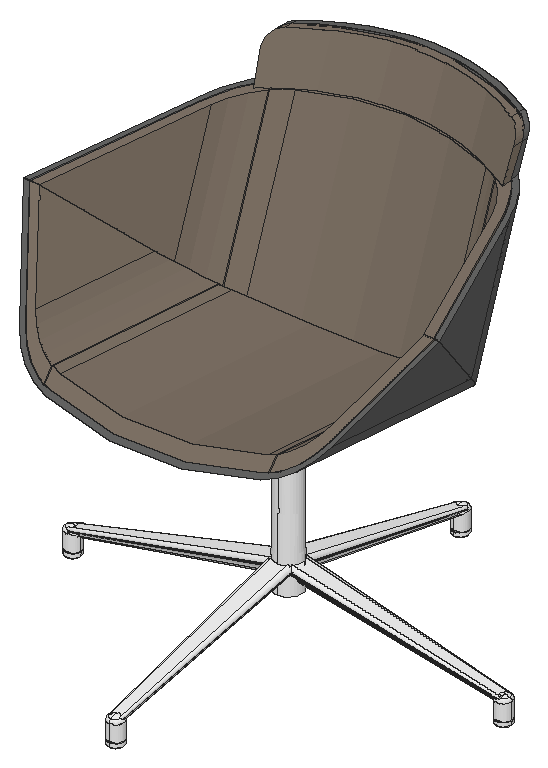
Revit family "Chair-Multi_Purpose-Allermuir-Phoulds PH2U", category Furniture, Revit 2012
Parameters (values of type "PH2U")
  ecoScorecard_data = "http://thesenatorgroup.ecoscorecard.com/product/PH1"
  ecoScorecard Product Page = "http://products.ecoscorecard.com/allermuir/PH1?action=html"
  White Plastic Back Membrane [instance] = no
  Weight = 18.0 lbf
  Upholstered Seat = ""
  Upholstered Back = ""
  URL = "http://www.allermuir.net/Default.aspx"
  Two Tone Upholstery [instance] = yes
  Swaged Tubular Steel Legs = ""
  Subcategory = "Multi-Purpose"  # constant formula
  Stacks = no
  Specifications URL = ""
  Seat or Base = Fabric - Allermuir - Smooth -Pebbled - Black
  Seat Width = 19 1/4"
  Seat Height = 16 1/8"
  Seat Depth Adjustment = no
  Seat Depth = 18 1/2"
  Seat = Fabric - Allermuir - Smooth -Pebbled - Black
  Product Page URL = "http://www.allermuir.net/Products.aspx?RangeId=502"
  Product Line = "Phoulds"  # constant formula
  Pricing URL = ""
  Polished Aluminum Arm Carrier [instance] = yes
  Plugin Data URL = "http://products.ecoscorecard.com/thesenatorgroup/PH1"
  Plastic Arms in Black = ""
  Pedestal Base = ""
  Overall Width = 23 1/2"
  Overall Height = 35"
  Overall Depth = 22 1/4"
  Optional Feature Notes = "Retracktable linking facility, soft touchh arm pads, polished aluminum frame"
  Negative Seat Tilt = no
  Model = "PH2U"  # constant formula
  Manufacturer Toll Free Phone = "(888) 887 5806"  # constant formula
  Manufacturer Phone = "(419) 887 5806"  # constant formula
  Manufacturer Fax = "(419) 887 5805"  # constant formula
  Manufacturer Email = "mailto:contact@allermuir-na.com"
  Manufacturer Address = "1630 Holland Road, Maumee, Ohio 43537 "  # constant formula
  Manufacturer = "Allermuir"  # constant formula
  Lumbar Adjustment [instance] = no
  Leg = Metal - Allermuir - Chrome - Polished
  LEED Stats URL = ""
  Height Adjustable Arms with Multi funtction Pad = no
  Height Adjustable Arms = no
  Glides = Fabric - Allermuir - Smooth -Pebbled - Black
  Glides = Fabric - Allermuir - Smooth -Pebbled - Black
  Fabric Spec Sheets = "http://www.allermuir.net/Services/File.ashx?Type=B&Id=51"
  Detachable writing table = no
  Description = ""
  Cushion = Plastic - Allermuir - Canvas - Brown
  Color Availability = "See price list for material options"
  Caster Options [instance] = "NO"
  CAD Blocks URL = ""
  Brochure URL = ""
  Black Plastic Back Membrane = no
  Black Gas Lift = no
  Black GRP Base = no
  Black Components = yes
  Base or Frame = ""
  Base Type = ""
  Base 2 = yes
  Base = Metal - Allermuir - Chrome - Polished
  Base = Metal - Allermuir - Chrome - Polished
  Back frame with integral arms in a soft touch Plastic [instance] = no
  Assembly Code = "E2020200"
  Arm Height = 25 1/8"
  Airflow Back Mesh = no
  Advanced Sync Tilt with Multi Position Back = no
  95 CSI = "12510"  # constant formula
  2.5" Casters = no
  04 CSI = "12 51 00"  # constant formula
Reference planes (in)
  plane 1 "Center Front/Back": y = 0
  plane 2: z = 0
  plane 3 "Center Left/Right": x = 0
  plane 4: z = 16.125
  plane 5: through (0, -10.22784, 13.88249) normal (0, -0.1219, -0.9925)
  plane 6: x = -11.75
  plane 7: x = 11.75
  plane 8: y = 11.125
  plane 9: y = -11.125
  plane 10: z = 35
  plane 11: z = 25.125
Forms (in)
  Sweep 1, solid, material "Fabric - Allermuir - Smooth -Pebbled - Black" <- "Seat"
    path origin (0, -0.25, -0.75) x (0, 1, 0) y (0, 0, 1)
      loop
        line (-11.89844, 16.3655) -> (9.2707, 14.51344)
    profile origin (0, -1.56387, 14.68947) x (0, 0.087156, 0.996195) y (1, 0, 0)
      loop
        line (10.22646, -14.1297) -> (10.35417, -13.85584) -> (4.13518, -10.19268)
        arc (4.13518, -10.19268) -> (2.67616, -8.88237) -> (1.84056, -7.10827) r 4.94922
        arc (1.84056, -7.10827) -> (0.98083, 0.04523) -> (1.86232, 7.19607) r 29.81321
        arc (1.86232, 7.19607) -> (2.6988, 8.9616) -> (4.15333, 10.26587) r 4.94922
        line (4.15333, 10.26587) -> (10.11837, 13.77945) -> (9.96571, 14.03861) -> (4.00067, 10.52503)
        arc (4.00067, 10.52503) -> (2.45775, 9.14149) -> (1.57043, 7.26867) r 5.25
        arc (1.57043, 7.26867) -> (0.68004, 0.04568) -> (1.54845, -7.17998) r 30.11399
        arc (1.54845, -7.17998) -> (2.43483, -9.0619) -> (3.98253, -10.45185) r 5.25
        line (3.98253, -10.45185) -> (10.22646, -14.1297)
  Extrusion 2, void
    sketch origin (0, 0, 0) x (0, 1, 0) y (0, 0, 1)
      loop
        line (-4.75953, 24.9148) -> (6.57868, 14.34174) -> (10.07868, 14.34174) -> (10.07868, 26.84174) -> (-12.88911, 26.84174) -> (-12.88911, 15.34246) -> (-4.75953, 24.9148)
    from -16.14134 to 16.94603
  Sweep 3, solid, material "Fabric - Allermuir - Smooth -Pebbled - Black" <- "Seat"
    path origin (0, 22.76748, 13.84241) x (0, -0.433838, -0.900991) y (0, -0.900991, 0.433838)
      loop
        line (-11.89844, 16.3655) -> (9.2707, 14.51344)
    profile origin (0, 9.42666, 21.72442) x (0, 0.935374, -0.35366) y (1, 0, 0)
      loop
        spline (-5.4924, -10.45185) -> (-5.03765, -10.25909) -> (-4.60738, -10.0486) -> (-4.20083, -9.81986) -> (-3.81693, -9.57207) -> (-3.45775, -9.30674) -> (-3.12791, -9.02722) -> (-2.8272, -8.73288) -> (-2.5561, -8.42481) -> (-2.31794, -8.10668) -> (-2.11372, -7.77959) -> (-1.9423, -7.4423) -> (-1.80352, -7.09461)
        spline (-1.80352, -7.09461) -> (-1.41658, -5.95002) -> (-1.09827, -4.781) -> (-0.84988, -3.59234) -> (-0.67245, -2.38893) -> (-0.56669, -1.17571) -> (-0.53305, 0.04233) -> (-0.57166, 1.26021) -> (-0.68236, 2.47291) -> (-0.86469, 3.67546) -> (-1.11792, 4.86293) -> (-1.44099, 6.03042) -> (-1.83259, 7.17316)
        spline (-1.83259, 7.17316) -> (-1.97178, 7.52039) -> (-2.1435, 7.85719) -> (-2.34788, 8.18376) -> (-2.58606, 8.50132) -> (-2.8571, 8.80883) -> (-3.15771, 9.1027) -> (-3.48729, 9.38173) -> (-3.84615, 9.64661) -> (-4.22969, 9.894) -> (-4.63579, 10.1224) -> (-5.06554, 10.33256) -> (-5.51967, 10.52503)
        line (-5.51967, 10.52503) -> (-14.62913, 14.09526) -> (-14.74772, 13.79266) -> (-5.7491, 10.26587)
        spline (-5.7491, 10.26587) -> (-5.32075, 10.08432) -> (-4.91542, 9.88607) -> (-4.53239, 9.67062) -> (-4.17067, 9.43723) -> (-3.83225, 9.18735) -> (-3.52145, 8.92412) -> (-3.23801, 8.64688) -> (-2.98248, 8.35677) -> (-2.75797, 8.0572) -> (-2.56536, 7.74912) -> (-2.40357, 7.43137) -> (-2.27247, 7.10379)
        spline (-2.27247, 7.10379) -> (-1.88454, 5.97216) -> (-1.56448, 4.81598) -> (-1.31362, 3.64003) -> (-1.13298, 2.44911) -> (-1.02331, 1.24814) -> (-0.98506, 0.04204) -> (-1.01838, -1.16422) -> (-1.12314, -2.36571) -> (-1.29891, -3.55747) -> (-1.54496, -4.73461) -> (-1.86029, -5.8923) -> (-2.24359, -7.02578)
        spline (-2.24359, -7.02578) -> (-2.37431, -7.35378) -> (-2.53582, -7.67195) -> (-2.7283, -7.9805) -> (-2.95278, -8.28059) -> (-3.20837, -8.57119) -> (-3.49191, -8.84886) -> (-3.80293, -9.11253) -> (-4.14164, -9.36283) -> (-4.50369, -9.59657) -> (-4.88711, -9.81233) -> (-5.29292, -10.01087) -> (-5.72183, -10.19268)
        line (-5.72183, -10.19268) -> (-14.80799, -13.75378) -> (-14.6894, -14.05638) -> (-5.4924, -10.45185)
  Extrusion 4, void
    sketch origin (0, 0, 0) x (0, 1, 0) y (0, 0, 1)
      loop
        line (-4.75953, 24.9148) -> (12.33337, 27.65431) -> (13.49805, 32.00097) -> (-1.1601, 37.3361) -> (-9.16581, 16.4805) -> (5.18886, 11.25583) -> (6.72972, 14.2009) -> (-4.75953, 24.9148)
    from 20.2764 to -20.71072
  Sweep 5, solid, material "Fabric - Allermuir - Smooth -Pebbled - Black" <- "Seat"
    path origin (-0.02347, 23.12518, 13.84241) x (0.000781, -0.433837, -0.900991) y (-0.001623, 0.900989, -0.433838)
      loop
        line (-11.40034, -16.32192) -> (-5.42317, -15.79899) -> (-4.92507, -15.75541)
    profile origin (-0.00398, 12.30421, 28.38896) x (-0.001685, 0.935372, -0.35366) y (0.999998, 0.001801, 0)
      loop
        arc (-3.86573, 9.40569) -> (-1.32683, 0) -> (-3.86573, -9.40569) r 18.69174
        line (-3.86573, -9.40569) -> (-3.51518, -9.55048)
        arc (-3.51518, -9.55048) -> (-0.83787, 0) -> (-3.51518, 9.55048) r 18.37285
        line (-3.51518, 9.55048) -> (-3.86573, 9.40569)
  Extrusion 6, void
    sketch origin (0, 0, 0) x (1, 0, 0) y (0, 0, 1)
      loop
        arc (-7.62117, 30.04965) -> (-8.29976, 29.68303) -> (-8.53648, 28.94895) r 1.03516
        line (-8.53648, 28.94895) -> (-8.39182, 26.88029)
        arc (-8.39182, 26.88029) -> (-0.01271, 27.36956) -> (8.36626, 26.87769) r 71.80353
        line (8.36626, 26.87769) -> (8.51178, 28.95863)
        arc (8.51178, 28.95863) -> (8.27463, 29.69322) -> (7.59514, 30.05948) r 1.03516
        arc (7.59514, 30.05948) -> (-0.01329, 30.48465) -> (-7.62117, 30.04965) r 67.50917
      loop
        line (9.65231, 25.20039) -> (9.65231, 33.70039) -> (-10.47269, 33.70039) -> (-10.47269, 25.20039) -> (9.65231, 25.20039)
    from -13.27822 to -5.98762
  Sweep 7, solid, material "Plastic - Allermuir - Canvas - Brown" <- "Cushion"
    path origin (0.09758, 22.82449, 13.84241) x (-0.002678, -0.43383, -0.900991) y (0.005562, 0.900974, -0.433838)
      loop
        line (-11.41997, -15.91516) -> (-4.73596, -15.55155)
    profile origin (0.03171, 12.15361, 27.94631) x (0.005699, 0.923209, -0.384256) y (0.999981, -0.006173, 0)
      loop
        arc (-4.30764, 9.32642) -> (-1.94309, -0.00016) -> (-4.30567, -9.32723) r 19.584
        line (-4.30567, -9.32723) -> (-3.86932, -9.50746)
        arc (-3.86932, -9.50746) -> (-1.40683, 0.00594) -> (-3.79429, 9.53845) r 19.91113
        line (-3.79429, 9.53845) -> (-4.30764, 9.32642)
  Sweep 8, solid, material "Plastic - Allermuir - Canvas - Brown" <- "Cushion"
    path origin (0, -0.25, -0.71875) x (0, 1, 0) y (0, 0, 1)
      loop
        line (-11.89844, 16.3655) -> (9.2707, 14.51344)
    profile origin (0, -1.56387, 14.72072) x (0, 0.087156, 0.996195) y (1, 0, 0)
      loop
        line (10.22255, -13.77831) -> (10.4683, -13.2513) -> (4.84462, -9.93879)
        arc (4.84462, -9.93879) -> (3.42173, -8.66094) -> (2.60682, -6.93077) r 4.82665
        arc (2.60682, -6.93077) -> (1.76838, 0.04557) -> (2.62804, 7.01932) r 29.07487
        arc (2.62804, 7.01932) -> (3.44381, 8.74112) -> (4.86231, 10.01309) r 4.82665
        line (4.86231, 10.01309) -> (10.26202, 13.19367) -> (9.96825, 13.6924) -> (4.15094, 10.26584)
        arc (4.15094, 10.26584) -> (2.64623, 8.91656) -> (1.78088, 7.09012) r 5.11998
        arc (1.78088, 7.09012) -> (0.91255, 0.04601) -> (1.75945, -7.0007) r 29.3682
        arc (1.75945, -7.0007) -> (2.62388, -8.83602) -> (4.13325, -10.19154) r 5.11998
        line (4.13325, -10.19154) -> (10.22255, -13.77831)
  Extrusion 9, void
    sketch origin (0, 0, 0) x (1, 0, 0) y (0, 0, 1)
      loop
        line (-7.58883, 29.26654) -> (-7.58883, 16.04692) -> (-7.55758, 16.04692) -> (-7.55758, 29.26654) -> (-7.58883, 29.26654)
    from -14.27915 to 18.22316
  Extrusion 10, void
    sketch origin (0, 0, 0) x (-1, 0, 0) y (0, 0, -1)
      loop
        line (-7.58883, -32.00097) -> (-7.55758, -32.00097) -> (-7.55758, -16.04692) -> (-7.58883, -16.04692) -> (-7.58883, -32.00097)
    from -14.27915 to 18.22316
  Sweep 11, solid, material "Plastic - Allermuir - Canvas - Brown" <- "Cushion"
    path origin (0, 22.01748, 13.84241) x (0, -0.433838, -0.900991) y (0, 0.900991, -0.433838)
      loop
        line (-11.89844, -16.3655) -> (9.2707, -14.51344)
    profile origin (0, 8.67666, 21.72442) x (0, 0.935374, -0.35366) y (1, 0, 0)
      loop
        spline (-5.08918, -10.14231) -> (-4.64354, -9.95341) -> (-4.22188, -9.74714) -> (-3.82347, -9.52298) -> (-3.44725, -9.28015) -> (-3.09526, -9.02013) -> (-2.77203, -8.74621) -> (-2.47734, -8.45776) -> (-2.21166, -8.15586) -> (-1.97828, -7.8441) -> (-1.77814, -7.52355) -> (-1.61016, -7.19302) -> (-1.47415, -6.85229)
        spline (-1.47415, -6.85229) -> (-1.09953, -5.74383) -> (-0.79154, -4.61166) -> (-0.55146, -3.46046) -> (-0.38027, -2.29497) -> (-0.27868, -1.12) -> (-0.24712, 0.05959) -> (-0.28571, 1.23893) -> (-0.3943, 2.41317) -> (-0.57243, 3.57744) -> (-0.81936, 4.72695) -> (-1.13409, 5.85695) -> (-1.51531, 6.96278)
        spline (-1.51531, 6.96278) -> (-1.64957, 7.29769) -> (-1.8152, 7.62256) -> (-2.01234, 7.93755) -> (-2.24207, 8.24385) -> (-2.5035, 8.54046) -> (-2.79345, 8.82391) -> (-3.11135, 9.09304) -> (-3.45749, 9.34853) -> (-3.82742, 9.58716) -> (-4.21913, 9.80745) -> (-4.63364, 10.01016) -> (-5.07167, 10.19581)
        line (-5.07167, 10.19581) -> (-14.28594, 13.80711) -> (-14.50953, 13.23662) -> (-4.93841, 9.48546)
        arc (-4.93841, 9.48546) -> (-3.16873, 8.30613) -> (-2.04926, 6.498) r 5
        arc (-2.04926, 6.498) -> (-0.93367, 0.04985) -> (-2.01629, -6.40392) r 19.4809
        arc (-2.01629, -6.40392) -> (-3.13536, -8.22697) -> (-4.9139, -9.41549) r 5
        line (-4.9139, -9.41549) -> (-14.56774, -13.19907) -> (-14.34415, -13.76956) -> (-5.08918, -10.14231)
  Extrusion 12, solid, material "Metal - Allermuir - Chrome - Polished" <- "Base", visible <- "Base 2"
    sketch origin (0, 2.32732, 14.55375) x (0, 0.996482, -0.083813) y (-1, 0, 0)
      loop
        circle (-2.34349, 0) r 2.95218
    from 0.23477 to 0.63973
  Revolve 13, solid, material "Metal - Allermuir - Chrome - Polished" <- "Base", visible <- "Base 2"
    sketch origin (0, 0, 0) x (0, 1, 0) y (0, 0, 1)
      loop
        line (0.91545, 15.20843) -> (0, 15.20843) -> (0, 3.03886) -> (0.89794, 3.03886) -> (0.78959, 12.79999) -> (0.91545, 12.79999) -> (0.91545, 15.20843)
      axis (0, 15.20843) -> (0, 3.03886)
    angle from 0 to 360
  SweptBlend 14, solid, material "Metal - Allermuir - Chrome - Polished" <- "Base", visible <- "Base 2"
    path origin (0, 0.41515, 15.26006) x (0, 0.99303, 0.117861) y (-1, 0, 0)
      loop
        line (-2.35152, 0) -> (-16.42951, 0)
    profile origin (0, -1.91998, 14.98291) x (1, 0, 0) y (0, -0.117861, 0.99303)
      loop
        arc (-0.58196, -10.10113) -> (-0.7789, -10.19802) -> (-0.84908, -10.40598) r 0.28584
        arc (-0.84908, -10.40598) -> (-0.84517, -10.44526) -> (-0.83886, -10.48422) r 0.64331
        arc (-0.83886, -10.48422) -> (-0.82082, -10.52084) -> (-0.78669, -10.54323) r 0.07755
        arc (-0.78669, -10.54323) -> (-0.418, -10.77549) -> (-0.20431, -11.15525) r 0.88744
        arc (-0.20431, -11.15525) -> (0.00001, -11.31159) -> (0.20433, -11.15525) r 0.21168
        arc (0.20433, -11.15525) -> (0.418, -10.77551) -> (0.78665, -10.54324) r 0.88744
        arc (0.78665, -10.54324) -> (0.82083, -10.52082) -> (0.83888, -10.48416) r 0.07763
        arc (0.83888, -10.48416) -> (0.84513, -10.44563) -> (0.84904, -10.40679) r 0.64331
        arc (0.84904, -10.40679) -> (0.77905, -10.19864) -> (0.58208, -10.10153) r 0.28589
        arc (0.58208, -10.10153) -> (0.00007, -10.08285) -> (-0.58196, -10.10113) r 9.17184
    end profile origin (0, -15.89985, 13.32366) x (1, 0, 0) y (0, -0.117861, 0.99303)
      loop
        arc (-0.30426, -11.64369) -> (-0.40723, -11.69434) -> (-0.44392, -11.80307) r 0.14944
        arc (-0.44392, -11.80307) -> (-0.44188, -11.82361) -> (-0.43858, -11.84397) r 0.33634
        arc (-0.43858, -11.84397) -> (-0.42915, -11.86312) -> (-0.4113, -11.87482) r 0.04054
        arc (-0.4113, -11.87482) -> (-0.21854, -11.99626) -> (-0.10682, -12.1948) r 0.46398
        arc (-0.10682, -12.1948) -> (0, -12.27654) -> (0.10683, -12.1948) r 0.11067
        arc (0.10683, -12.1948) -> (0.21854, -11.99627) -> (0.41128, -11.87483) r 0.46398
        arc (0.41128, -11.87483) -> (0.42915, -11.86311) -> (0.43859, -11.84394) r 0.04059
        arc (0.43859, -11.84394) -> (0.44185, -11.8238) -> (0.4439, -11.8035) r 0.33634
        arc (0.4439, -11.8035) -> (0.40731, -11.69467) -> (0.30433, -11.6439) r 0.14947
        arc (0.30433, -11.6439) -> (0.00003, -11.63413) -> (-0.30426, -11.64369) r 4.79526
  Revolve 15, solid, material "Metal - Allermuir - Chrome - Polished" <- "Base", visible <- "Base 2"
    sketch origin (0, 0, 0) x (0, 1, 0) y (0, 0, 1)
      loop
        line (-14.88865, 0.11054) -> (-14.88865, 0) -> (-14.46724, 0) -> (-14.46724, 1.85456)
        arc (-14.46724, 1.85456) -> (-14.67368, 1.79066) -> (-14.86948, 1.69923) r 1.5829
        arc (-14.86948, 1.69923) -> (-14.96384, 1.60744) -> (-14.99849, 1.48045) r 0.25
        line (-14.99849, 1.48045) -> (-14.99849, 0.39013)
        arc (-14.99849, 0.39013) -> (-14.99417, 0.36841) -> (-14.98187, 0.34999) r 0.05676
        line (-14.98187, 0.34999) -> (-14.95548, 0.32361) -> (-14.99849, 0.32361) -> (-14.99849, 0.11054) -> (-14.88865, 0.11054)
      axis (-14.46724, 1.85456) -> (-14.46724, 0)
    angle from 0 to 360
  SweptBlend 16, solid, material "Metal - Allermuir - Chrome - Polished" <- "Base", visible <- "Base 2"
    path origin (-0.41515, 0, 15.26006) x (-0.99303, 0, 0.117861) y (0, -1, 0)
      loop
        line (-2.35152, 0) -> (-16.42951, 0)
    profile origin (1.91998, 0, 14.98291) x (0, 1, 0) y (0.117861, 0, 0.99303)
      loop
        arc (-0.58196, -10.10113) -> (-0.7789, -10.19802) -> (-0.84908, -10.40598) r 0.28584
        arc (-0.84908, -10.40598) -> (-0.84517, -10.44526) -> (-0.83886, -10.48422) r 0.64331
        arc (-0.83886, -10.48422) -> (-0.82082, -10.52084) -> (-0.78669, -10.54323) r 0.07755
        arc (-0.78669, -10.54323) -> (-0.418, -10.77549) -> (-0.20431, -11.15525) r 0.88744
        arc (-0.20431, -11.15525) -> (0.00001, -11.31159) -> (0.20433, -11.15525) r 0.21168
        arc (0.20433, -11.15525) -> (0.418, -10.77551) -> (0.78665, -10.54324) r 0.88744
        arc (0.78665, -10.54324) -> (0.82083, -10.52082) -> (0.83888, -10.48416) r 0.07763
        arc (0.83888, -10.48416) -> (0.84513, -10.44563) -> (0.84904, -10.40679) r 0.64331
        arc (0.84904, -10.40679) -> (0.77905, -10.19864) -> (0.58208, -10.10153) r 0.28589
        arc (0.58208, -10.10153) -> (0.00007, -10.08285) -> (-0.58196, -10.10113) r 9.17184
    end profile origin (15.89985, 0, 13.32366) x (0, 1, 0) y (0.117861, 0, 0.99303)
      loop
        arc (-0.30426, -11.64369) -> (-0.40723, -11.69434) -> (-0.44392, -11.80307) r 0.14944
        arc (-0.44392, -11.80307) -> (-0.44188, -11.82361) -> (-0.43858, -11.84397) r 0.33634
        arc (-0.43858, -11.84397) -> (-0.42915, -11.86312) -> (-0.4113, -11.87482) r 0.04054
        arc (-0.4113, -11.87482) -> (-0.21854, -11.99626) -> (-0.10682, -12.1948) r 0.46398
        arc (-0.10682, -12.1948) -> (0, -12.27654) -> (0.10683, -12.1948) r 0.11067
        arc (0.10683, -12.1948) -> (0.21854, -11.99627) -> (0.41128, -11.87483) r 0.46398
        arc (0.41128, -11.87483) -> (0.42915, -11.86311) -> (0.43859, -11.84394) r 0.04059
        arc (0.43859, -11.84394) -> (0.44185, -11.8238) -> (0.4439, -11.8035) r 0.33634
        arc (0.4439, -11.8035) -> (0.40731, -11.69467) -> (0.30433, -11.6439) r 0.14947
        arc (0.30433, -11.6439) -> (0.00003, -11.63413) -> (-0.30426, -11.64369) r 4.79526
  SweptBlend 17, solid, material "Metal - Allermuir - Chrome - Polished" <- "Base", visible <- "Base 2"
    path origin (0, -0.41515, 15.26006) x (0, -0.99303, 0.117861) y (1, 0, 0)
      loop
        line (-2.35152, 0) -> (-16.42951, 0)
    profile origin (0, 1.91998, 14.98291) x (-1, 0, 0) y (0, 0.117861, 0.99303)
      loop
        arc (-0.58196, -10.10113) -> (-0.7789, -10.19802) -> (-0.84908, -10.40598) r 0.28584
        arc (-0.84908, -10.40598) -> (-0.84517, -10.44526) -> (-0.83886, -10.48422) r 0.64331
        arc (-0.83886, -10.48422) -> (-0.82082, -10.52084) -> (-0.78669, -10.54323) r 0.07755
        arc (-0.78669, -10.54323) -> (-0.418, -10.77549) -> (-0.20431, -11.15525) r 0.88744
        arc (-0.20431, -11.15525) -> (0.00001, -11.31159) -> (0.20433, -11.15525) r 0.21168
        arc (0.20433, -11.15525) -> (0.418, -10.77551) -> (0.78665, -10.54324) r 0.88744
        arc (0.78665, -10.54324) -> (0.82083, -10.52082) -> (0.83888, -10.48416) r 0.07763
        arc (0.83888, -10.48416) -> (0.84513, -10.44563) -> (0.84904, -10.40679) r 0.64331
        arc (0.84904, -10.40679) -> (0.77905, -10.19864) -> (0.58208, -10.10153) r 0.28589
        arc (0.58208, -10.10153) -> (0.00007, -10.08285) -> (-0.58196, -10.10113) r 9.17184
    end profile origin (0, 15.89985, 13.32366) x (-1, 0, 0) y (0, 0.117861, 0.99303)
      loop
        arc (-0.30426, -11.64369) -> (-0.40723, -11.69434) -> (-0.44392, -11.80307) r 0.14944
        arc (-0.44392, -11.80307) -> (-0.44188, -11.82361) -> (-0.43858, -11.84397) r 0.33634
        arc (-0.43858, -11.84397) -> (-0.42915, -11.86312) -> (-0.4113, -11.87482) r 0.04054
        arc (-0.4113, -11.87482) -> (-0.21854, -11.99626) -> (-0.10682, -12.1948) r 0.46398
        arc (-0.10682, -12.1948) -> (0, -12.27654) -> (0.10683, -12.1948) r 0.11067
        arc (0.10683, -12.1948) -> (0.21854, -11.99627) -> (0.41128, -11.87483) r 0.46398
        arc (0.41128, -11.87483) -> (0.42915, -11.86311) -> (0.43859, -11.84394) r 0.04059
        arc (0.43859, -11.84394) -> (0.44185, -11.8238) -> (0.4439, -11.8035) r 0.33634
        arc (0.4439, -11.8035) -> (0.40731, -11.69467) -> (0.30433, -11.6439) r 0.14947
        arc (0.30433, -11.6439) -> (0.00003, -11.63413) -> (-0.30426, -11.64369) r 4.79526
  Revolve 18, solid, material "Metal - Allermuir - Chrome - Polished" <- "Base", visible <- "Base 2"
    sketch origin (0, 0, 0) x (1, 0, 0) y (0, 0, 1)
      loop
        line (-14.88865, 0.11054) -> (-14.88865, 0) -> (-14.46724, 0) -> (-14.46724, 1.85456)
        arc (-14.46724, 1.85456) -> (-14.67368, 1.79066) -> (-14.86948, 1.69923) r 1.5829
        arc (-14.86948, 1.69923) -> (-14.96384, 1.60744) -> (-14.99849, 1.48045) r 0.25
        line (-14.99849, 1.48045) -> (-14.99849, 0.39013)
        arc (-14.99849, 0.39013) -> (-14.99417, 0.36841) -> (-14.98187, 0.34999) r 0.05676
        line (-14.98187, 0.34999) -> (-14.95548, 0.32361) -> (-14.99849, 0.32361) -> (-14.99849, 0.11054) -> (-14.88865, 0.11054)
      axis (-14.46724, 1.85456) -> (-14.46724, 0)
    angle from 0 to 360
  Revolve 19, solid, material "Metal - Allermuir - Chrome - Polished" <- "Base", visible <- "Base 2"
    sketch origin (0, 0, 0) x (-1, 0, 0) y (0, 0, 1)
      loop
        line (-14.88865, 0.11054) -> (-14.88865, 0) -> (-14.46724, 0) -> (-14.46724, 1.85456)
        arc (-14.46724, 1.85456) -> (-14.67368, 1.79066) -> (-14.86948, 1.69923) r 1.5829
        arc (-14.86948, 1.69923) -> (-14.96384, 1.60744) -> (-14.99849, 1.48045) r 0.25
        line (-14.99849, 1.48045) -> (-14.99849, 0.39013)
        arc (-14.99849, 0.39013) -> (-14.99417, 0.36841) -> (-14.98187, 0.34999) r 0.05676
        line (-14.98187, 0.34999) -> (-14.95548, 0.32361) -> (-14.99849, 0.32361) -> (-14.99849, 0.11054) -> (-14.88865, 0.11054)
      axis (-14.46724, 1.85456) -> (-14.46724, 0)
    angle from 0 to 360
  Revolve 20, solid, material "Metal - Allermuir - Chrome - Polished" <- "Base", visible <- "Base 2"
    sketch origin (0, 0, 0) x (0, -1, 0) y (0, 0, 1)
      loop
        line (-14.88865, 0.11054) -> (-14.88865, 0) -> (-14.46724, 0) -> (-14.46724, 1.85456)
        arc (-14.46724, 1.85456) -> (-14.67368, 1.79066) -> (-14.86948, 1.69923) r 1.5829
        arc (-14.86948, 1.69923) -> (-14.96384, 1.60744) -> (-14.99849, 1.48045) r 0.25
        line (-14.99849, 1.48045) -> (-14.99849, 0.39013)
        arc (-14.99849, 0.39013) -> (-14.99417, 0.36841) -> (-14.98187, 0.34999) r 0.05676
        line (-14.98187, 0.34999) -> (-14.95548, 0.32361) -> (-14.99849, 0.32361) -> (-14.99849, 0.11054) -> (-14.88865, 0.11054)
      axis (-14.46724, 1.85456) -> (-14.46724, 0)
    angle from 0 to 360
  SweptBlend 21, solid, material "Metal - Allermuir - Chrome - Polished" <- "Base", visible <- "Base 2"
    path origin (0.41515, 0, 15.26006) x (0.99303, 0, 0.117861) y (0, 1, 0)
      loop
        line (-2.35152, 0) -> (-16.42951, 0)
    profile origin (-1.91998, 0, 14.98291) x (0, -1, 0) y (-0.117861, 0, 0.99303)
      loop
        arc (0.58196, -10.10113) -> (-0.00007, -10.08285) -> (-0.58208, -10.10153) r 9.17184
        arc (-0.58208, -10.10153) -> (-0.77905, -10.19864) -> (-0.84904, -10.40679) r 0.28589
        arc (-0.84904, -10.40679) -> (-0.84513, -10.44563) -> (-0.83888, -10.48416) r 0.64331
        arc (-0.83888, -10.48416) -> (-0.82083, -10.52082) -> (-0.78665, -10.54324) r 0.07763
        arc (-0.78665, -10.54324) -> (-0.418, -10.77551) -> (-0.20433, -11.15525) r 0.88744
        arc (-0.20433, -11.15525) -> (-0.00001, -11.31159) -> (0.20431, -11.15525) r 0.21168
        arc (0.20431, -11.15525) -> (0.418, -10.77549) -> (0.78669, -10.54323) r 0.88744
        arc (0.78669, -10.54323) -> (0.82082, -10.52084) -> (0.83886, -10.48422) r 0.07755
        arc (0.83886, -10.48422) -> (0.84517, -10.44526) -> (0.84908, -10.40598) r 0.64331
        arc (0.84908, -10.40598) -> (0.7789, -10.19802) -> (0.58196, -10.10113) r 0.28584
    end profile origin (-15.89985, 0, 13.32366) x (0, -1, 0) y (-0.117861, 0, 0.99303)
      loop
        arc (0.30426, -11.64369) -> (-0.00003, -11.63413) -> (-0.30433, -11.6439) r 4.79526
        arc (-0.30433, -11.6439) -> (-0.40731, -11.69467) -> (-0.4439, -11.8035) r 0.14947
        arc (-0.4439, -11.8035) -> (-0.44185, -11.8238) -> (-0.43859, -11.84394) r 0.33634
        arc (-0.43859, -11.84394) -> (-0.42915, -11.86311) -> (-0.41128, -11.87483) r 0.04059
        arc (-0.41128, -11.87483) -> (-0.21854, -11.99627) -> (-0.10683, -12.1948) r 0.46398
        arc (-0.10683, -12.1948) -> (0, -12.27654) -> (0.10682, -12.1948) r 0.11067
        arc (0.10682, -12.1948) -> (0.21854, -11.99626) -> (0.4113, -11.87482) r 0.46398
        arc (0.4113, -11.87482) -> (0.42915, -11.86312) -> (0.43858, -11.84397) r 0.04054
        arc (0.43858, -11.84397) -> (0.44188, -11.82361) -> (0.44392, -11.80307) r 0.33634
        arc (0.44392, -11.80307) -> (0.40723, -11.69434) -> (0.30426, -11.64369) r 0.14944
Cuts and joins
  Extrusion 2 cuts Sweep 1
  Extrusion 4, Extrusion 10 cuts Sweep 3
  Extrusion 2, Extrusion 6 cuts Sweep 5
  Extrusion 2, Extrusion 6 cuts Sweep 7
  Extrusion 2, Extrusion 9, Extrusion 10 cuts Sweep 8
  Extrusion 4, Extrusion 9, Extrusion 10 cuts Sweep 11
Lines and regions (in)
  symbolic lines, style "Chair"
    curve 1: line (8.05256, 7.36842, 0) -> (-8.29492, 7.1541, 0)
    curve 2: spline (-8.51746, 7.99664, 0) -> (-8.70866, 7.79137, 0) -> (-8.8919, 7.57915, 0) -> (-9.06692, 7.36027, 0) -> (-9.23348, 7.13504, 0) -> (-9.39134, 6.90379, 0) -> (-9.54028, 6.66683, 0) -> (-9.68008, 6.42451, 0) -> (-9.81055, 6.17716, 0) -> (-9.9315, 5.92513, 0) -> (-10.04277, 5.66879, 0) -> (-10.1442, 5.40848, 0) -> (-10.23564, 5.14458, 0)
    curve 3: line (-9.7263, 4.8888, 0) -> (-12.99576, -4.78072, 0)
    curve 4: line (-13.58574, -4.75979, 0) -> (-10.23676, 5.14494, 0)
    curve 5: line (-13.94206, -4.75953, 0) -> (-10.45185, 5.37519, 0)
    curve 6: line (-13.59297, -4.75953, 0) -> (-13.94206, -4.75953, 0)
    curve 7: line (-13.58574, -4.75979, 0) -> (-12.99576, -4.78072, 0)
    curve 8: line (-8.54129, 3.45863, 0) -> (-12.95279, -4.65363, 0)
    curve 9: arc (-10.45185, 5.37519, 0) -> (-10.02424, 6.43349, 0) -> (-9.4884, 7.44131, 0) r 10.90969
    curve 10: arc (-9.4884, 7.44131, 0) -> (-9.05465, 8.05734, 0) -> (-8.53648, 8.60427, 0) r 5.20285
    curve 11: line (-10.45185, -9.46166, 0) -> (-13.94206, -4.75953, 0)
    curve 12: line (-13.59297, -4.75953, 0) -> (-10.16862, -9.37294, 0)
    curve 13: line (-13.02141, -4.77981, 0) -> (-9.52339, -9.41992, 0)
    curve 14: line (-7.58883, -10.7427, 0) -> (-7.58883, 7.57015, 0)
    curve 15: spline (8.50346, 8.07457, 0) -> (8.70386, 7.8654, 0) -> (8.89587, 7.64871, 0) -> (9.07921, 7.42482, 0) -> (9.2536, 7.19406, 0) -> (9.41878, 6.95679, 0) -> (9.57451, 6.71337, 0) -> (9.72054, 6.46415, 0) -> (9.85666, 6.20951, 0) -> (9.98266, 5.94985, 0) -> (10.09835, 5.68553, 0) -> (10.20357, 5.41698, 0) -> (10.29814, 5.14458, 0)
    curve 16: line (9.7888, 4.8888, 0) -> (13.0551, -4.77138, 0)
    curve 17: line (13.64824, -4.75979, 0) -> (10.29926, 5.14494, 0)
    curve 18: line (14.00456, -4.75953, 0) -> (10.51435, 5.37519, 0)
    curve 19: line (13.61641, -4.75953, 0) -> (14.00456, -4.75953, 0)
    curve 20: line (13.64824, -4.75979, 0) -> (13.05826, -4.78072, 0)
    curve 21: line (8.60379, 3.45863, 0) -> (13.01529, -4.65363, 0)
    curve 22: arc (10.51435, 5.37519, 0) -> (10.08674, 6.43349, 0) -> (9.5509, 7.44131, 0) r 10.90969
    curve 23: arc (9.5509, 7.44131, 0) -> (9.07988, 8.10236, 0) -> (8.51178, 8.6821, 0) r 5.20285
    curve 24: line (10.52503, -9.44726, 0) -> (14.00456, -4.75953, 0)
    curve 25: line (13.61641, -4.75953, 0) -> (10.10794, -9.48398, 0)
    curve 26: line (13.0551, -4.77138, 0) -> (9.66364, -9.27015, 0)
    curve 27: line (7.58883, -10.7427, 0) -> (7.58883, 7.62162, 0)
    curve 28: line (-7.18051, -11.39293, 0) -> (-10.45185, -9.46166, 0)
    curve 29: spline (7.26933, -11.37541, 0) -> (6.09287, -11.58889, 0) -> (4.90158, -11.76454, 0) -> (3.69834, -11.90194, 0) -> (2.4861, -12.00074, 0) -> (1.26781, -12.06072, 0) -> (0.04643, -12.08171, 0) -> (-1.17506, -12.06368, 0) -> (-2.39369, -12.00666, 0) -> (-3.6065, -11.9108, 0) -> (-4.81052, -11.77632, 0) -> (-6.00282, -11.60356, 0) -> (-7.18051, -11.39293, 0)
    curve 30: line (10.52503, -9.44726, 0) -> (7.26933, -11.37541, 0)
    curve 31: spline (-7.10818, -11.16125, 0) -> (-5.94236, -11.36973, 0) -> (-4.76208, -11.54074, 0) -> (-3.5702, -11.67385, 0) -> (-2.36963, -11.76874, 0) -> (-1.16329, -11.82518, 0) -> (0.04588, -11.84303, 0) -> (1.25494, -11.82225, 0) -> (2.46095, -11.76289, 0) -> (3.66096, -11.6651, 0) -> (4.85207, -11.5291, 0) -> (6.03135, -11.35524, 0) -> (7.19596, -11.14394, 0)
    curve 32: arc (-10.16493, -9.37021, 0) -> (-8.81914, -10.57734, 0) -> (-7.10818, -11.16125, 0) r 4.52472
    curve 33: arc (10.10794, -9.48398, 0) -> (8.80938, -10.59012, 0) -> (7.19596, -11.14394, 0) r 4.57686
    curve 34: spline (-9.52339, -9.41992, 0) -> (-9.43397, -9.53101, 0) -> (-9.33864, -9.64008, 0) -> (-9.23751, -9.747, 0) -> (-9.13071, -9.85165, 0) -> (-9.01837, -9.9539, 0) -> (-8.90063, -10.05363, 0) -> (-8.77762, -10.15071, 0) -> (-8.6495, -10.24502, 0) -> (-8.51643, -10.33645, 0) -> (-8.37856, -10.42488, 0) -> (-8.23607, -10.51022, 0) -> (-8.08912, -10.59236, 0)
    curve 35: arc (-8.08912, -10.59236, 0) -> (0, -11.82118, 0) -> (8.08912, -10.59236, 0) r 27.23895
    curve 36: arc (-7.15466, 4.555, 0) -> (0.03125, 5.51392, 0) -> (7.21716, 4.555, 0) r 27.404
    curve 37: arc (7.21716, 4.555, 0) -> (8.02265, 4.14869, 0) -> (8.60379, 3.45863, 0) r 2.25
    curve 38: arc (-8.54129, 3.45863, 0) -> (-7.96015, 4.14869, 0) -> (-7.15466, 4.555, 0) r 2.25
    curve 39: arc (9.66364, -9.27015, 0) -> (8.95151, -10.02072, 0) -> (8.08912, -10.59236, 0) r 4.58151
    curve 40: arc (-9.7263, 4.8888, 0) -> (-9.17181, 6.12331, 0) -> (-8.29492, 7.1541, 0) r 4.80245
    curve 41: arc (9.7888, 4.8888, 0) -> (9.13233, 6.27681, 0) -> (8.05256, 7.36842, 0) r 4.5622
    curve 42: line (-7.62117, 9.38816, 0) -> (7.59514, 9.40379, 0)
    curve 43: line (-7.62117, 9.76312, 0) -> (7.59514, 9.80718, 0)
    curve 44: line (-8.53648, 8.48076, 0) -> (-7.62117, 9.38816, 0)
    curve 45: line (-8.53648, 8.87516, 0) -> (-7.62117, 9.76312, 0)
    curve 46: line (-7.62117, 10.2532, 0) -> (-8.53648, 9.35518, 0)
    curve 47: line (8.51178, 9.40483, 0) -> (7.59514, 10.29667, 0)
    curve 48: line (7.59514, 9.40379, 0) -> (8.51178, 8.49729, 0)
    curve 49: line (-8.36029, 7.09516, 0) -> (-8.53648, 8.10576, 0)
    curve 50: line (8.51178, 8.12229, 0) -> (8.34119, 7.14354, 0)
    curve 51: line (7.59514, 9.80718, 0) -> (8.51178, 8.92542, 0)
    curve 52: line (8.51178, 8.12229, 0) -> (8.51178, 9.40483, 0)
    curve 53: line (-8.53648, 8.10576, 0) -> (-8.53648, 9.35518, 0)
    curve 54: arc (-7.62117, 10.2532, 0) -> (-0.01851, 12.19762, 0) -> (7.59514, 10.29667, 0) r 16.01436
  symbolic lines, style "Chair", visible <- "Base 2"
    curve 55: line (-12.10724, 0.50587, 0) -> (-14.32502, 0.44928, 0)
    curve 56: arc (-14.32502, 0.44928, 0) -> (-14.42198, 0.4426, 0) -> (-14.518, 0.42756, 0) r 1.12271
    curve 57: arc (-14.518, 0.42756, 0) -> (-14.52779, 0.34633, 0) -> (-14.52621, 0.26454, 0) r 0.58854
    curve 58: arc (-14.52621, 0.26454, 0) -> (-14.33172, -0.00118, 0) -> (-14.52779, -0.26574, 0) r 0.27763
    curve 59: arc (-14.52779, -0.26574, 0) -> (-14.52711, -0.34701, 0) -> (-14.51798, -0.42777, 0) r 0.78113
    curve 60: arc (-14.51798, -0.42777, 0) -> (-14.44038, -0.44079, 0) -> (-14.3622, -0.44966, 0) r 1.4778
    curve 61: arc (-14.3622, -0.44966, 0) -> (-13.41072, -0.48122, 0) -> (-12.45922, -0.51213, 0) r 1393.11984
    curve 62: arc (-14.99849, 0, 0) -> (-14.72664, 0.46362, 0) -> (-14.18931, 0.45275, 0) r 0.53125
    curve 63: arc (-14.17602, -0.44431, 0) -> (-14.71974, -0.46741, 0) -> (-14.99849, 0, 0) r 0.53125
    curve 64: line (-0.50667, -12.07575, 0) -> (-0.44928, -14.32502, 0)
    curve 65: arc (-0.44928, -14.32502, 0) -> (-0.4426, -14.42198, 0) -> (-0.42756, -14.518, 0) r 1.12271
    curve 66: arc (-0.42756, -14.518, 0) -> (-0.34633, -14.52779, 0) -> (-0.26454, -14.52621, 0) r 0.58854
    curve 67: arc (-0.26454, -14.52621, 0) -> (0.00118, -14.33172, 0) -> (0.26574, -14.52779, 0) r 0.27763
    curve 68: arc (0.26574, -14.52779, 0) -> (0.34701, -14.52711, 0) -> (0.42777, -14.51798, 0) r 0.78113
    curve 69: arc (0.42777, -14.51798, 0) -> (0.44079, -14.44038, 0) -> (0.44966, -14.3622, 0) r 1.4778
    curve 70: arc (0, -14.99849, 0) -> (-0.46362, -14.72664, 0) -> (-0.45275, -14.18931, 0) r 0.53125
    curve 71: arc (0.45487, -14.1928, 0) -> (0.46261, -14.72842, 0) -> (0, -14.99849, 0) r 0.53125
    curve 72: line (-0.50369, 12.19291, 0) -> (-0.44928, 14.32502, 0)
    curve 73: arc (-0.44928, 14.32502, 0) -> (-0.4426, 14.42198, 0) -> (-0.42756, 14.518, 0) r 1.12271
    curve 74: arc (-0.42756, 14.518, 0) -> (-0.34633, 14.52779, 0) -> (-0.26454, 14.52621, 0) r 0.58854
    curve 75: arc (-0.26454, 14.52621, 0) -> (0.00118, 14.33172, 0) -> (0.26574, 14.52779, 0) r 0.27763
    curve 76: arc (0.26574, 14.52779, 0) -> (0.34701, 14.52711, 0) -> (0.42777, 14.51798, 0) r 0.78113
    curve 77: arc (0.42777, 14.51798, 0) -> (0.44079, 14.44038, 0) -> (0.44966, 14.3622, 0) r 1.4778
    curve 78: arc (0, 14.99849, 0) -> (-0.46362, 14.72664, 0) -> (-0.45275, 14.18931, 0) r 0.53125
    curve 79: arc (0.45458, 14.19232, 0) -> (0.46275, 14.72818, 0) -> (0, 14.99849, 0) r 0.53125
    curve 80: line (0.44966, 14.3622, 0) -> (0.51163, 12.22119, 0)
    curve 81: line (0.44966, -14.3622, 0) -> (0.52004, -12.07374, 0)
    curve 82: line (12.22532, 0.50286, 0) -> (14.32502, 0.44928, 0)
    curve 83: arc (14.32502, 0.44928, 0) -> (14.42198, 0.4426, 0) -> (14.518, 0.42756, 0) r 1.12271
    curve 84: arc (14.518, 0.42756, 0) -> (14.52779, 0.34633, 0) -> (14.52621, 0.26454, 0) r 0.58854
    curve 85: arc (14.52621, 0.26454, 0) -> (14.33172, -0.00118, 0) -> (14.52779, -0.26574, 0) r 0.27763
    curve 86: arc (14.52779, -0.26574, 0) -> (14.52711, -0.34701, 0) -> (14.51798, -0.42777, 0) r 0.78113
    curve 87: arc (14.51798, -0.42777, 0) -> (14.44038, -0.44079, 0) -> (14.3622, -0.44966, 0) r 1.4778
    curve 88: arc (14.99849, 0, 0) -> (14.72664, 0.46362, 0) -> (14.18931, 0.45275, 0) r 0.53125
    curve 89: arc (14.17602, -0.44431, 0) -> (14.71974, -0.46741, 0) -> (14.99849, 0, 0) r 0.53125
    curve 90: line (14.17602, -0.44431, 0) -> (12.5283, -0.50991, 0)
Dimensions and locks (in)
  "Seat Height": plane 4 to level
  equal spacing: plane 6, plane 3 "Center Left/Right", plane 7
  "Overall Width": plane 6 to plane 7
  equal spacing: plane 8, plane 1 "Center Front/Back", plane 9
  "Overall Depth": plane 8 to plane 9
  "Overall Height": plane 10 to level
  "Arm Height": plane 11 to level
  aligned and locked: Revolve 13 sketch curve to Revolve 13 sketch curve  (x2)
Automatic sketch dimensions
  Sweep 1 sketch curve to plane 4 = 0.5095"
  plane 9 to Sweep 1 sketch curve = 1 3/128"
  Sweep 1 sketch curve to plane 8 = 2.1043"
  Sweep 1 sketch curve to plane 4 = 2.36156"
  Sweep 1 sketch curve to Sweep 1 sketch curve = 0"  (x10)
  Sweep 1 sketch curve to profile plane = 1.54845"
  Sweep 1 sketch curve to profile plane = 1.57043"
  Sweep 1 sketch curve to Sweep 1 sketch curve = 0.29211"
  Sweep 1 sketch curve to Sweep 1 sketch curve = 2.14197"
  Sweep 1 sketch curve to Sweep 1 sketch curve = 2.13836"
  Sweep 1 sketch curve to Sweep 1 sketch curve = 0.15265"  (x3)
  Sweep 1 sketch curve to Sweep 1 sketch curve = 2.51187"  (x2)
  Sweep 1 sketch curve to Sweep 1 sketch curve = 5.96504"
  Sweep 1 sketch curve to Sweep 1 sketch curve = 6.24393"
  Sweep 1 sketch curve to Sweep 1 sketch curve = 0.1277"
  Sweep 1 sketch curve to profile plane = 0.00012"
  Sweep 1 sketch curve to Sweep 1 sketch curve = 20.43983"
  Sweep 1 sketch curve to profile plane = 5.92826"
  Sweep 1 sketch curve to Sweep 1 sketch curve = 3.66316"
  Sweep 1 sketch curve to Sweep 1 sketch curve = 0.27386"
  Extrusion 2 sketch curve to plane 4 = 0.78254"
  plane 9 to Extrusion 2 sketch curve = 1.76411"
  Extrusion 2 sketch curve to plane 11 = 0.2102"
  plane 1 "Center Front/Back" to Extrusion 2 sketch curve = 4.75953"
  Extrusion 2 sketch curve to plane 4 = 1.78326"
  Extrusion 2 sketch curve to plane 8 = 4.54632"
  Extrusion 2 sketch curve to plane 8 = 1.04632"
  plane 11 to Extrusion 2 sketch curve = 1.71674"
  Sweep 3 sketch curve to plane 8 = 2.0593"
  plane 10 to Sweep 3 sketch curve = 3.33724"
  Sweep 3 sketch curve to Sweep 3 sketch curve = 21.16914"
  Sweep 3 sketch curve to Sweep 3 sketch curve = 1.85206"
  profile plane to Sweep 3 sketch curve = 18.40567"
  profile plane to Sweep 3 sketch curve = 18.12942"
  Sweep 3 sketch curve to Sweep 3 sketch curve = 3.59768"
  Sweep 3 sketch curve to Sweep 3 sketch curve = 3.3817"
  Sweep 3 sketch curve to profile plane = 14.05638"
  Sweep 3 sketch curve to Sweep 3 sketch curve = 0.1186"  (x2)
  profile plane to Sweep 3 sketch curve = 14.09526"
  profile plane to Sweep 3 sketch curve = 5.7491"
  profile plane to Sweep 3 sketch curve = 5.72183"
  Sweep 3 sketch curve to Sweep 3 sketch curve = 0.22943"  (x2)
  profile plane to Sweep 3 sketch curve = 2.27247"
  profile plane to Sweep 3 sketch curve = 2.24359"
  Sweep 3 sketch curve to Sweep 3 sketch curve = 0.43989"
  Sweep 3 sketch curve to Sweep 3 sketch curve = 0.44007"
  Sweep 3 sketch curve to Sweep 3 sketch curve = 4.77051"
  Sweep 3 sketch curve to Sweep 3 sketch curve = 0.3026"
  Sweep 3 sketch curve to Sweep 3 sketch curve = 3.35724"
  Sweep 3 sketch curve to Sweep 3 sketch curve = 0.06883"
  profile plane to Sweep 3 sketch curve = 0.00045"
  profile plane to Sweep 3 sketch curve = 0.00046"
  Sweep 3 sketch curve to Sweep 3 sketch curve = 0.06937"
  Sweep 3 sketch curve to Sweep 3 sketch curve = 3.16208"
  plane 4 to Extrusion 4 sketch curve = 0.3555"
  Extrusion 4 sketch curve to plane 9 = 1.95919"
  Extrusion 4 sketch curve to plane 11 = 0.2102"
  plane 1 "Center Front/Back" to Extrusion 4 sketch curve = 4.75953"
  plane 1 "Center Front/Back" to Extrusion 4 sketch curve = 1.1601"
  Extrusion 4 sketch curve to plane 1 "Center Front/Back" = 5.18886"
  Extrusion 4 sketch curve to plane 4 = 1.9241"
  Extrusion 4 sketch curve to Extrusion 4 sketch curve = 1.54086"
  plane 8 to Extrusion 4 sketch curve = 1.20837"
  plane 8 to Extrusion 4 sketch curve = 2.37305"
  Extrusion 4 sketch curve to Extrusion 4 sketch curve = 2.94507"
  plane 11 to Extrusion 4 sketch curve = 2.52931"
  Extrusion 4 sketch curve to plane 10 = 2.99903"
  plane 10 to Extrusion 4 sketch curve = 2.3361"
  Sweep 5 sketch curve to plane 10 = 3.80492"
  Sweep 5 sketch curve to Sweep 5 sketch curve = 5.97717"
  Sweep 5 sketch curve to Sweep 5 sketch curve = 0.4981"
  Sweep 5 sketch curve to Sweep 5 sketch curve = 0.52293"
  Sweep 5 sketch curve to Sweep 5 sketch curve = 0.04358"
  profile plane to Sweep 5 sketch curve = 0"  (x2)
  profile plane to Sweep 5 sketch curve = 20.01857"
  Sweep 5 sketch curve to Sweep 5 sketch curve = 0.80785"
  profile plane to Sweep 5 sketch curve = 3.86573"  (x2)
  Sweep 5 sketch curve to Sweep 5 sketch curve = 0.35055"  (x2)
  Sweep 5 sketch curve to profile plane = 9.40569"
  Sweep 5 sketch curve to Sweep 5 sketch curve = 0.14479"
  plane 6 to Extrusion 6 sketch curve = 1.27731"
  plane 6 to Extrusion 6 sketch curve = 3.21352"
  Extrusion 6 sketch curve to Extrusion 6 sketch curve = 0.14466"
  Extrusion 6 sketch curve to Extrusion 6 sketch curve = 0.91531"
  Extrusion 6 sketch curve to Extrusion 6 sketch curve = 0"  (x2)
  Extrusion 6 sketch curve to Extrusion 6 sketch curve = 0.11732"
  Extrusion 6 sketch curve to plane 3 "Center Left/Right" = 0.02384"
  plane 3 "Center Left/Right" to Extrusion 6 sketch curve = 0.03032"
  plane 7 to Extrusion 6 sketch curve = 4.27086"
  Extrusion 6 sketch curve to Extrusion 6 sketch curve = 0.116"
  Extrusion 6 sketch curve to Extrusion 6 sketch curve = 0.88712"
  Extrusion 6 sketch curve to Extrusion 6 sketch curve = 1.03263"
  plane 11 to Extrusion 6 sketch curve = 0.07539"
  plane 7 to Extrusion 6 sketch curve = 2.09769"
  Extrusion 6 sketch curve to level = 37.02451"
  Extrusion 6 sketch curve to Extrusion 6 sketch curve = 7.40945"
  plane 11 to Extrusion 6 sketch curve = 1.75269"
  Extrusion 6 sketch curve to Extrusion 6 sketch curve = 2.06866"
  Extrusion 6 sketch curve to plane 10 = 1.29961"
  Sweep 7 sketch curve to plane 10 = 3.9637"
  Sweep 7 sketch curve to Sweep 7 sketch curve = 6.68401"
  Sweep 7 sketch curve to Sweep 7 sketch curve = 0.36361"
  Sweep 7 sketch curve to profile plane = 0.00223"
  profile plane to Sweep 7 sketch curve = 21.52709"
  profile plane to Sweep 7 sketch curve = 0.08439"
  Sweep 7 sketch curve to Sweep 7 sketch curve = 0.20929"
  profile plane to Sweep 7 sketch curve = 4.30764"
  profile plane to Sweep 7 sketch curve = 4.30567"
  Sweep 7 sketch curve to Sweep 7 sketch curve = 0.43635"
  Sweep 7 sketch curve to Sweep 7 sketch curve = 0.51336"
  Sweep 7 sketch curve to profile plane = 9.32723"
  Sweep 7 sketch curve to Sweep 7 sketch curve = 0.18023"
  Sweep 8 sketch curve to plane 4 = 0.47825"
  plane 9 to Sweep 8 sketch curve = 1 3/128"
  Sweep 8 sketch curve to plane 8 = 2.1043"
  Sweep 8 sketch curve to plane 4 = 2.33031"
  Sweep 8 sketch curve to profile plane = 1.75945"
  Sweep 8 sketch curve to Sweep 8 sketch curve = 0"  (x5)
  Sweep 8 sketch curve to profile plane = 1.78088"
  Sweep 8 sketch curve to Sweep 8 sketch curve = 0.84737"
  Sweep 8 sketch curve to Sweep 8 sketch curve = 0.84716"
  Sweep 8 sketch curve to Sweep 8 sketch curve = 1.52642"
  Sweep 8 sketch curve to Sweep 8 sketch curve = 1.5229"
  Sweep 8 sketch curve to Sweep 8 sketch curve = 0.71137"  (x2)
  Sweep 8 sketch curve to Sweep 8 sketch curve = 4.12496"
  Sweep 8 sketch curve to Sweep 8 sketch curve = 4.12143"
  Sweep 8 sketch curve to Sweep 8 sketch curve = 9/16"  (x3)
  Sweep 8 sketch curve to Sweep 8 sketch curve = 5.10594"
  Sweep 8 sketch curve to Sweep 8 sketch curve = 5.37793"
  Sweep 8 sketch curve to Sweep 8 sketch curve = 0.29377"
  Sweep 8 sketch curve to Sweep 8 sketch curve = 0.24575"
  profile plane to Sweep 8 sketch curve = 0.00134"  (x2)
  Sweep 8 sketch curve to Sweep 8 sketch curve = 22.98643"
  Sweep 8 sketch curve to profile plane = 5.77998"
  Sweep 8 sketch curve to Sweep 8 sketch curve = 3 5/16"
  Sweep 8 sketch curve to Sweep 8 sketch curve = 0.52701"
  Extrusion 9 sketch curve to plane 4 = 0.07808"
  plane 6 to Extrusion 9 sketch curve = 4.16117"
  Extrusion 9 sketch curve to Extrusion 9 sketch curve = 1/32"
  plane 4 to Extrusion 9 sketch curve = 13.14154"
  plane 4 to Extrusion 10 sketch curve = 0.07808"
  Extrusion 10 sketch curve to plane 7 = 4.16117"
  Extrusion 10 sketch curve to Extrusion 10 sketch curve = 1/32"
  Extrusion 10 sketch curve to plane 4 = 15.87597"
  Sweep 11 sketch curve to plane 8 = 1.3093"
  plane 10 to Sweep 11 sketch curve = 3.33724"
  Sweep 11 sketch curve to Sweep 11 sketch curve = 21.16914"
  Sweep 11 sketch curve to Sweep 11 sketch curve = 1.85206"
  profile plane to Sweep 11 sketch curve = 0.00007"
  profile plane to Sweep 11 sketch curve = 20.4145"
  profile plane to Sweep 11 sketch curve = 0.00044"
  Sweep 11 sketch curve to Sweep 11 sketch curve = 2.7329"
  Sweep 11 sketch curve to profile plane = 13.76956"
  Sweep 11 sketch curve to Sweep 11 sketch curve = 0.22359"  (x2)
  profile plane to Sweep 11 sketch curve = 13.80711"
  profile plane to Sweep 11 sketch curve = 6.7384"
  profile plane to Sweep 11 sketch curve = 6.76291"
  profile plane to Sweep 11 sketch curve = 5.08918"
  profile plane to Sweep 11 sketch curve = 5.07167"
  Sweep 11 sketch curve to Sweep 11 sketch curve = 0.17528"
  Sweep 11 sketch curve to Sweep 11 sketch curve = 0.13326"
  profile plane to Sweep 11 sketch curve = 2.04926"
  Sweep 11 sketch curve to Sweep 11 sketch curve = 0"  (x2)
  profile plane to Sweep 11 sketch curve = 2.01629"
  Sweep 11 sketch curve to Sweep 11 sketch curve = 0.53394"
  Sweep 11 sketch curve to Sweep 11 sketch curve = 0.54213"
  Sweep 11 sketch curve to Sweep 11 sketch curve = 0.57049"
  Sweep 11 sketch curve to Sweep 11 sketch curve = 0.44837"
  Sweep 11 sketch curve to Sweep 11 sketch curve = 0.46478"
  Sweep 11 sketch curve to Sweep 11 sketch curve = 3.17208"
  Sweep 11 sketch curve to Sweep 11 sketch curve = 9.47856"
  curve 35 to plane 3 "Center Left/Right" = 0"
  curve 9 to plane 3 "Center Left/Right" = 0.1367"
  curve 2 to plane 3 "Center Left/Right" = 3.07175"
  curve 34 to plane 3 "Center Left/Right" = 4.58093"
  curve 10 to curve 2 = 1.95681"
  curve 40 to curve 10 = 0.08337"
  curve 32 to curve 34 = 1.95079"
  curve 38 to curve 40 = 1.45273"
  plane 9 to curve 31 = 0.03625"
  curve 31 to curve 34 = 2.52725"
  curve 38 to curve 10 = 2.12609"
  curve 36 to curve 38 = 0"
  plane 9 to curve 28 = 0.26793"
  curve 28 to curve 31 = 0.07233"
  curve 14 to plane 9 = 0.3823"
  curve 14 to curve 31 = 0.48065"
  curve 42 to plane 8 = 1.73684"
  curve 42 to curve 14 = 0.03234"
  curve 46 to plane 8 = 0.8718"
  curve 46 to curve 42 = 0"
  curve 43 to plane 8 = 1.36188"
  curve 43 to curve 42 = 0"
  curve 35 to curve 14 = 0.50029"
  curve 40 to curve 14 = 0.70609"
  curve 49 to curve 40 = 0.06537"
  curve 2 to curve 40 = 0.22254"
  curve 53 to curve 2 = 0.01902"
  curve 38 to curve 38 = 1.38664"
  curve 10 to curve 2 = 0.97095"
  curve 9 to curve 10 = 0"
  curve 34 to curve 35 = 1.43427"
  curve 40 to curve 38 = 1.18501"
  plane 6 to curve 34 = 1.64139"
  curve 32 to curve 34 = 0.64155"
  curve 12 to curve 32 = 0.00368"
  curve 2 to curve 40 = 0.50933"
  curve 4 to curve 2 = 0.00112"
  curve 9 to curve 4 = 0.21509"
  curve 11 to curve 12 = 0.28323"
  plane 6 to curve 2 = 1.16511"
  curve 8 to plane 6 = 1.20279"
  curve 7 to curve 8 = 11/256"
  curve 13 to curve 3 = 0.02565"
  curve 7 to curve 13 = 0.56433"
  curve 12 to curve 4 = 0.00724"
  curve 5 to curve 6 = 0.34908"
  curve 29 to plane 1 "Center Front/Back" = 3.94591"
  curve 29 to plane 6 = 13.00962"
  plane 3 "Center Left/Right" to curve 31 = 0.00006"
  plane 3 "Center Left/Right" to curve 29 = 0.00006"
  plane 3 "Center Left/Right" to curve 54 = 0.02724"
  plane 3 "Center Left/Right" to curve 36 = 1/32"
  plane 3 "Center Left/Right" to curve 22 = 0.1992"
  curve 22 to curve 15 = 2.93505"
  curve 15 to curve 23 = 1.95681"
  curve 23 to curve 41 = 0.30413"
  plane 7 to curve 39 = 5.74477"
  curve 39 to curve 33 = 0.53754"
  curve 41 to curve 37 = 1.23196"
  plane 9 to curve 31 = 0.01894"
  curve 33 to curve 31 = 0.65319"
  curve 41 to curve 36 = 1.82196"
  curve 37 to curve 36 = 0"
  plane 9 to curve 30 = 0.25041"
  curve 27 to plane 9 = 0.3823"
  curve 54 to plane 8 = 0.82833"
  curve 27 to curve 54 = 0.00631"
  curve 48 to plane 8 = 1.72121"
  curve 48 to curve 47 = 0"
  curve 51 to plane 8 = 1.31782"
  curve 51 to curve 42 = 0"
  curve 27 to curve 41 = 0.46373"
  curve 27 to curve 35 = 0.50029"
  curve 41 to curve 50 = 0.28863"
  curve 1 to curve 15 = 0.4509"
  curve 48 to plane 8 = 2.62771"
  curve 15 to curve 48 = 0.00832"
  curve 36 to curve 37 = 1.38664"
  curve 15 to curve 22 = 1.04744"
  curve 23 to curve 22 = 0"
  curve 26 to plane 9 = 1.85485"
  curve 39 to curve 26 = 1.57452"
  curve 21 to curve 16 = 1.18501"
  curve 39 to curve 33 = 0.4443"
  curve 16 to curve 15 = 0.50933"
  curve 15 to curve 17 = 0.00112"
  curve 17 to curve 18 = 0.21509"
  curve 33 to curve 30 = 0.41709"
  plane 7 to curve 15 = 1.10261"
  curve 21 to plane 7 = 1.26529"
  curve 21 to curve 26 = 0.03982"
  curve 16 to curve 20 = 0.00316"
  curve 20 to curve 25 = 0.55815"
  curve 19 to curve 20 = 0.03183"
  curve 17 to curve 24 = 0.35632"
  curve 31 to plane 1 "Center Front/Back" = 4.02451"
  plane 9 to curve 36 = 10.76508"
  curve 27 to curve 39 = 0.15035"
  curve 33 to curve 39 = 0.21383"
  curve 28 to plane 9 = 1.66334"
  curve 33 to curve 24 = 0.03672"
  curve 11 to curve 13 = 0.04173"
  curve 11 to curve 12 = 0.08872"
  curve 12 to curve 32 = 0.00273"
  curve 34 to curve 3 = 2.99481"
  plane 1 "Center Front/Back" to curve 20 = 4.78072"
  curve 3 to curve 13 = 0.00091"
  curve 20 to curve 16 = 0.00934"
  curve 20 to curve 17 = 0.02093"
  curve 13 to curve 4 = 0.02002"
  curve 17 to curve 19 = 0.00026"
  curve 4 to curve 11 = 0.00026"
  curve 16 to curve 21 = 0.11776"
  curve 3 to curve 8 = 0.12709"
  curve 22 to plane 1 "Center Front/Back" = 1.82285"
  curve 9 to curve 22 = 0"
  curve 38 to plane 1 "Center Front/Back" = 2.38373"
  curve 2 to plane 1 "Center Front/Back" = 2.86535"
  curve 15 to plane 1 "Center Front/Back" = 2.86535"
  curve 38 to curve 40 = 1.17424"
  curve 37 to curve 41 = 1.27631"
  curve 41 to curve 23 = 1.10182"
  curve 40 to curve 10 = 1.20389"
  curve 15 to curve 18 = 0.23061"
  curve 2 to curve 9 = 0.23061"
  curve 2 to curve 4 = 0.00036"
  curve 15 to curve 17 = 0.00036"
  curve 1 to curve 14 = 0.41605"
  curve 1 to curve 27 = 0.25321"
  curve 44 to curve 10 = 0.12351"
  curve 10 to curve 45 = 0.27089"
  curve 23 to curve 51 = 0.24332"
  curve 45 to curve 46 = 0.48002"
  curve 51 to curve 47 = 0.47941"
  curve 62 to curve 63 = 0"
  curve 70 to curve 71 = 0"
  curve 78 to curve 79 = 0"
  curve 88 to curve 89 = 0"
  plane 1 "Center Front/Back" to curve 63 = 0"
  curve 79 to plane 3 "Center Left/Right" = 0"
  curve 70 to plane 3 "Center Left/Right" = 0"
  plane 1 "Center Front/Back" to curve 89 = 0"
  plane 1 "Center Front/Back" to curve 58 = 0.00036"
  curve 62 to curve 58 = 0.38914"
  curve 58 to curve 58 = 0.08156"
  curve 58 to curve 58 = 0.08314"
  curve 57 to curve 56 = 0.00821"
  curve 58 to curve 60 = 0.0098"
  curve 58 to curve 63 = 0.14211"
  curve 60 to curve 61 = 0.15579"
  curve 56 to curve 55 = 0.19298"
  curve 61 to curve 56 = 0.06582"
  curve 55 to curve 60 = 0.09031"
  curve 55 to curve 62 = 0.13571"
  curve 61 to curve 63 = 0.18618"
  curve 62 to curve 57 = 0.24932"
  curve 63 to curve 59 = 0.42862"
  curve 61 to plane 6 = 0.70922"
  curve 55 to plane 6 = 0.35724"
  curve 69 to plane 3 "Center Left/Right" = 1.02263"
  curve 77 to plane 3 "Center Left/Right" = 1.02263"
  curve 64 to plane 3 "Center Left/Right" = 0.50667"
  curve 72 to plane 3 "Center Left/Right" = 0.50369"
  curve 70 to plane 3 "Center Left/Right" = 0.45275"
  curve 70 to curve 64 = 0.00346"
  curve 78 to curve 72 = 0.00346"
  curve 72 to curve 73 = 0.02173"
  curve 65 to curve 66 = 0.02173"
  curve 70 to curve 66 = 0.13601"
  curve 78 to curve 74 = 0.13601"
  curve 74 to curve 75 = 0.16302"
  curve 65 to curve 67 = 0.16302"
  plane 3 "Center Left/Right" to curve 67 = 0.00036"
  plane 3 "Center Left/Right" to curve 75 = 0.00036"
  plane 3 "Center Left/Right" to curve 67 = 0.26574"
  plane 3 "Center Left/Right" to curve 75 = 0.26574"
  plane 3 "Center Left/Right" to curve 68 = 0.29985"
  plane 3 "Center Left/Right" to curve 76 = 0.29985"
  curve 76 to curve 77 = 0.16203"
  curve 68 to curve 68 = 0.16203"
  curve 76 to curve 79 = 0.02681"
  curve 69 to curve 81 = 0.02189"
  curve 76 to curve 80 = 0.02189"
  curve 69 to curve 71 = 0.00521"
  plane 3 "Center Left/Right" to curve 81 = 0.52004"
  curve 77 to curve 73 = 0.22339"
  curve 69 to curve 65 = 0.22339"
  curve 82 to plane 7 = 0.47532"
  curve 90 to plane 7 = 0.7783"
  plane 1 "Center Front/Back" to curve 86 = 0.29985"
  curve 84 to plane 1 "Center Front/Back" = 0.31674"
  curve 86 to curve 84 = 0.19259"
  curve 86 to curve 90 = 0.42862"
  curve 84 to curve 88 = 0.24932"
  curve 88 to curve 87 = 0.0454"
  curve 89 to curve 83 = 0.12036"
  curve 88 to curve 83 = 0.13571"
  curve 90 to curve 87 = 0.18618"
  curve 87 to curve 89 = 0.10505"
  curve 87 to curve 87 = 0.15579"
  curve 82 to curve 83 = 0.19298"
  curve 84 to curve 85 = 0.00821"
  curve 86 to curve 85 = 0.0098"
  plane 1 "Center Front/Back" to curve 85 = 0.00036"
  curve 88 to curve 85 = 0.14211"
  curve 85 to curve 89 = 0.38914"
  curve 61 to plane 7 = 20.54578"
  curve 70 to curve 67 = 0.38914"
  curve 67 to curve 67 = 0.08156"
  curve 66 to curve 65 = 0.00821"
  curve 68 to curve 68 = 0.0098"
  curve 67 to curve 70 = 0.14211"
  curve 69 to curve 81 = 0.15579"
  curve 64 to curve 70 = 0.13571"
  plane 9 to curve 81 = 0.94874"
  curve 56 to curve 63 = 0.22874"
  curve 83 to curve 89 = 0.22874"
  plane 1 "Center Front/Back" to curve 61 = 0.51213"
  plane 1 "Center Front/Back" to curve 90 = 0.50991"
  curve 87 to curve 90 = 0.00535"
  curve 61 to curve 63 = 0.00535"
  curve 60 to curve 60 = 0.02189"
  curve 87 to curve 87 = 0.02189"
  plane 1 "Center Front/Back" to curve 59 = 0.29985"
